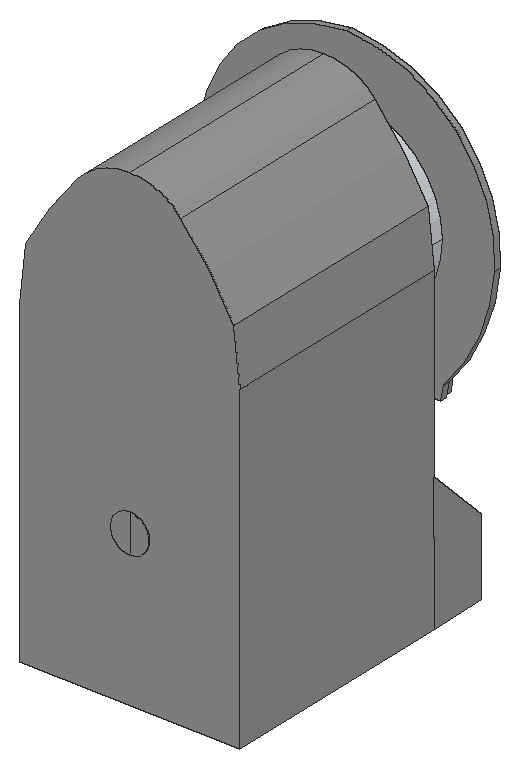
Revit family "Bariatric_Toilet-Willoughby-BETF-1490-FM-FA-10-BS", category Plumbing Fixtures, Revit 2015
Parameters (values of type "Standard")
  Waste DIA = 2 1/2"
  Waste Connection = yes
  Vent Connection = no
  URL = "https://www.willoughby-ind.com/wp-content/uploads/2017/05/BETF-1490-FM-FA-10.pdf"
  Type Comments = ""
  Revision = "A"
  Model = "BETF-1490-FM-FA-10-BS"
  Manufacturer = "Willoughby Industries"
  HW Connection = no
  Flush Inlet DIA = 1 1/2"
  Flush Inlet Connection = yes
  Fixture Body = Stainless Steel AISI 304-Willoughby
  Description = "Bariatric Toilet"
  Default Elevation = 0' - 0"
  Contact = "(800) 428-4065"
  CW Connection = no
Reference planes (in)
  plane 1 "Center (Front/Back)Floor": y = 0
  plane 2: z = 0
  plane 3 "Center (Left/Right)": x = 0
  plane 4 "Toilet Base HGT": y = 15.75
  plane 5 "Top Of Unit": y = 19.625
  plane 6: x = 7.125
  plane 7: x = -7.125
  plane 8: z = 20.875
  plane 9: z = 31
  plane 10: z = 31.5
  plane 11: z = 24.75
  plane 12: z = 29.375
  plane 13: x = 2
  plane 14: x = -2
  plane 15: z = 9
  plane 16: z = 5
  plane 17: z = 21.5
  plane 18: z = 27.6875
  plane 19: z = 13.125
  plane 20: x = 9.625
  plane 21: x = -9.625
  plane 22 "Waste HGT": y = 12.25
  plane 23: y = 16.5
  plane 24 "Floor waste": z = 10
Forms (in)
  Extrusion 1, solid, material "Stainless Steel AISI 304-Willoughby" <- "Fixture Body"
    sketch origin (0, 0, 0) x (1, 0, 0) y (0, 0, 1)
      loop
        line (7.125, 0) -> (7.125, 20.875)
        arc (7.125, 20.875) -> (7.03428, 22.67805) -> (6.76304, 24.46289) r 17.96324
        arc (6.76304, 24.46289) -> (5.19007, 27.08) -> (3.33041, 29.50181) r 26.87644
        arc (3.33041, 29.50181) -> (1.83129, 30.62012) -> (0, 31) r 4.32008
        arc (0, 31) -> (-1.83129, 30.62012) -> (-3.33041, 29.50181) r 4.32008
        arc (-3.33041, 29.50181) -> (-5.19007, 27.08) -> (-6.76304, 24.46289) r 26.87644
        arc (-6.76304, 24.46289) -> (-7.03428, 22.67805) -> (-7.125, 20.875) r 17.96324
        line (-7.125, 20.875) -> (-7.125, 0) -> (7.125, 0)
    from 0 to -15.75
  Extrusion 2, solid, material "Stainless Steel AISI 304-Willoughby" <- "Fixture Body"
    sketch origin (0, 0, 0) x (0, 1, 0) y (0, 0, 1)
      loop
        line (15.75, 8.875) -> (15.75, 0) -> (19.625, 0) -> (19.625, 5) -> (15.75, 8.875)
    from -7.125 to 7.125
  Extrusion 3, solid
    sketch origin (0, 15.75, 0) x (-1, 0, 0) y (0, 0, 1)
      loop
        circle (0, 21.5) r 6.1875
    from 0 to 1.875
  Extrusion 4, solid, material "Stainless Steel AISI 304-Willoughby" <- "Fixture Body"
    sketch origin (0, 15.75, 0) x (-1, 0, 0) y (0, 0, 1)
      loop
        line (-4.75, 12.125) -> (-4.75, 12.625) -> (4.75, 12.625) -> (4.75, 12.125) -> (6.125, 12.125) -> (6.30133, 13.125)
        arc (6.30133, 13.125) -> (8.61843, 16.71898) -> (9.625, 20.875) r 12.82342
        arc (9.625, 20.875) -> (7.07791, 28.23969) -> (0, 31.5) r 9.93325
        arc (0, 31.5) -> (-7.07791, 28.23969) -> (-9.625, 20.875) r 9.93325
        arc (-9.625, 20.875) -> (-8.61843, 16.71898) -> (-6.30133, 13.125) r 12.82342
        line (-6.30133, 13.125) -> (-6.125, 12.125) -> (-4.75, 12.125)
    from 1.875 to 2.25
  Blend 5, solid, material "Stainless Steel AISI 304-Willoughby" <- "Fixture Body"
    base sketch origin (0, 15.75, 0) x (-1, 0, 0) y (0, 0, 1)
      loop
        line (-4.60785, 12.15929) -> (-4.60785, 12.40929) -> (4.64215, 12.40929) -> (4.64215, 12.15929) -> (5.98395, 12.15929) -> (6.22068, 14.59691)
        arc (6.22068, 14.59691) -> (8.11105, 18.09183) -> (8.6336, 22.03074) r 10.97859
        arc (8.6336, 22.03074) -> (5.98369, 28.04088) -> (0, 30.75) r 9.19603
        arc (0, 30.75) -> (-5.98369, 28.04088) -> (-8.6336, 22.03074) r 9.19603
        arc (-8.6336, 22.03074) -> (-8.11105, 18.09183) -> (-6.22068, 14.59691) r 10.97859
        line (-6.22068, 14.59691) -> (-5.98395, 12.15929) -> (-4.60785, 12.15929)
    top sketch origin (0, 15.75, 0) x (-1, 0, 0) y (0, 0, 1)
      loop
        arc (6.22944, 13.99176) -> (8.35674, 17.14799) -> (9.12911, 20.875) r 9.85348
        arc (9.12911, 20.875) -> (6.86364, 28.01045) -> (0, 31) r 9.05259
        arc (0, 31) -> (-6.86364, 28.01045) -> (-9.12911, 20.875) r 9.05259
        arc (-9.12911, 20.875) -> (-8.34629, 17.12327) -> (-6.19132, 13.954) r 9.85348
        line (-6.19132, 13.954) -> (-6.01467, 12.135) -> (-4.5826, 12.135) -> (-4.5826, 12.385) -> (4.63006, 12.385) -> (4.63006, 12.125) -> (5.99156, 12.125) -> (6.22944, 13.99176)
    from 2.875 to 2.25
  Revolve 6, solid, material "Stainless Steel AISI 304-Willoughby" <- "Fixture Body"
    sketch origin (0, 0, 0) x (0, 1, 0) y (0, 0, 1)
      loop
        line (16.5, 0) -> (16.5, 2.25) -> (15.75, 2.25) -> (15.75, 0) -> (16.5, 0)
      axis (16.5, 2.25) -> (16.5, 0)
    angle from 0 to 360
  Revolve 7, solid, material "Stainless Steel AISI 304-Willoughby" <- "Fixture Body", detail levels medium+fine
    sketch origin (0, 0, 0) x (0, 1, 0) y (0, 0, 1)
      loop
        line (0, 10) -> (2.25, 10) -> (2.25, 11.25) -> (0, 11.25) -> (0, 10)
      axis (0, 10) -> (2.25, 10)
    angle from 0 to 360
Lines and regions (in)
  symbolic lines
    curve 1: line (0, 15.75, 8.875) -> (0, 15.75, 31)
    curve 2: line (0, 15.75, 31) -> (0, 0, 31)
    curve 3: line (0, 0, 31) -> (0, 0, 0)
    curve 4: line (0, 0, 0) -> (0, 15.75, 0)
    curve 11: line (0, 18, 12.125) -> (0, 17.625, 12.125)
    curve 16: line (0, 15.75, 8.875) -> (0, 19.625, 5)
    curve 17: line (0, 19.625, 5) -> (0, 19.625, 0)
    curve 18: line (0, 19.625, 0) -> (0, 15.75, 0)
    curve 19: line (7.125, 19.625, -0.25) -> (7.125, 19.625, 14.12365)
    curve 20: arc (7.125, 19.625, 14.12365) -> (8.85852, 19.625, 17.32028) -> (9.625, 19.625, 20.875) r 12.82342
    curve 21: arc (9.625, 19.625, 20.875) -> (9.10381, 19.625, 24.81755) -> (7.07791, 19.625, 28.23969) r 9.93325
    curve 22: arc (7.07791, 19.625, 28.23969) -> (3.87202, 19.625, 30.5929) -> (0, 19.625, 31.5) r 9.93325
    curve 23: arc (0, 19.625, 31.5) -> (-3.87202, 19.625, 30.5929) -> (-7.07791, 19.625, 28.23969) r 9.93325
    curve 24: arc (-7.07791, 19.625, 28.23969) -> (-9.10381, 19.625, 24.81755) -> (-9.625, 19.625, 20.875) r 9.93325
    curve 25: arc (-9.625, 19.625, 20.875) -> (-8.85852, 19.625, 17.32028) -> (-7.125, 19.625, 14.12365) r 12.82342
    curve 26: line (-7.125, 19.625, 14.12365) -> (-7.125, 19.625, 0)
    curve 27: line (-7.125, 19.625, 0) -> (7.125, 19.625, 0)
    curve 51: line (7.125, 19.625, 0) -> (-7.125, 19.625, 0)
    curve 52: line (-7.125, 19.625, 0) -> (-7.125, 0, 0)
    curve 53: line (-7.125, 0, 0) -> (7.125, 0, 0)
    curve 54: line (7.125, 0, 0) -> (7.125, 19.625, 0)
    curve 55: line (-6.76304, 15.75, 0) -> (-6.76304, 0, 0)
    curve 56: line (-7.125, 15.75, 0) -> (7.125, 15.75, 0)
    curve 57: line (6.1875, 17.625, 0) -> (6.1875, 15.75, 0)
    curve 58: line (-6.17726, 15.75, 0) -> (-6.17726, 17.625, 0)
    curve 59: line (-6.17726, 17.625, 0) -> (6.1875, 17.625, 0)
    curve 69: line (6.76304, 15.75, 0) -> (6.76304, 0, 0)
  symbolic lines, detail levels medium+fine
    curve 5: line (0, 15.75, 15.375) -> (0, 17.625, 15.375)
    curve 6: line (0, 17.625, 15.375) -> (0, 17.625, 27.6875)
    curve 7: line (0, 17.625, 27.6875) -> (0, 15.75, 27.6875)
    curve 8: line (0, 17.625, 27.6875) -> (0, 17.625, 31.5)
    curve 9: line (0, 17.625, 31.5) -> (0, 18, 31.5)
    curve 10: line (0, 18, 31.5) -> (0, 18, 12.125)
    curve 12: line (0, 17.625, 12.125) -> (0, 17.625, 15.375)
    curve 13: line (0, 18, 12.125) -> (0, 18.625, 12.15929)
    curve 14: line (0, 18.625, 12.15929) -> (0, 18.625, 30.75)
    curve 15: line (0, 18.625, 30.75) -> (0, 18, 31)
    curve 28: line (-7.125, 19.625, 5) -> (7.125, 19.625, 5)
    curve 29: line (-7.125, 19.625, 8.875) -> (7.125, 19.625, 8.875)
    curve 30: line (-7.125, 19.625, 14.12365) -> (-6.30133, 19.625, 13.125)
    curve 31: line (-6.30133, 19.625, 13.125) -> (-6.125, 19.625, 12.125)
    curve 32: line (-6.125, 19.625, 12.125) -> (-4.75, 19.625, 12.125)
    curve 33: line (-4.75, 19.625, 12.125) -> (-4.75, 19.625, 12.625)
    curve 34: line (-4.75, 19.625, 12.625) -> (4.75, 19.625, 12.625)
    curve 35: line (4.75, 19.625, 12.625) -> (4.75, 19.625, 12.125)
    curve 36: line (4.75, 19.625, 12.125) -> (6.125, 19.625, 12.125)
    curve 37: line (6.125, 19.625, 12.125) -> (6.30133, 19.625, 13.125)
    curve 38: arc (6.30133, 19.625, 13.125) -> (6.72577, 19.625, 13.61393) -> (7.125, 19.625, 14.12365) r 12.82342
    curve 50: line (0, 17.625, 12.125) -> (0, 18, 12.125)
    curve 60: line (-6.17726, 17.625, 0) -> (-9.6494, 17.625, 0)
    curve 61: line (-9.6494, 17.625, 0) -> (-9.6494, 18, 0)
    curve 62: line (-9.6494, 18, 0) -> (-9.12911, 18, 0)
    curve 63: line (-9.12911, 18, 0) -> (-8.6336, 18.625, 0)
    curve 64: line (-8.6336, 18.625, 0) -> (8.64736, 18.625, 0)
    curve 65: line (8.64736, 18.625, 0) -> (9.14287, 18, 0)
    curve 66: line (9.14287, 18, 0) -> (9.6494, 18, 0)
    curve 67: line (9.6494, 18, 0) -> (9.6494, 17.625, 0)
    curve 68: line (6.1875, 17.625, 0) -> (9.6494, 17.625, 0)
  symbolic lines, detail levels fine
    curve 39: line (-6.22068, 19.625, 14.59691) -> (-5.98395, 19.625, 12.15929)
    curve 40: line (-5.98395, 19.625, 12.15929) -> (-4.64215, 19.625, 12.15929)
    curve 41: line (-4.64215, 19.625, 12.15929) -> (-4.64215, 19.625, 12.385)
    curve 42: line (-4.64215, 19.625, 12.385) -> (4.60785, 19.625, 12.385)
    curve 43: line (4.60785, 19.625, 12.385) -> (4.60785, 19.625, 12.15929)
    curve 44: line (4.60785, 19.625, 12.15929) -> (5.98395, 19.625, 12.15929)
    curve 45: line (5.98395, 19.625, 12.15929) -> (6.22068, 19.625, 14.59691)
    curve 46: arc (6.22068, 19.625, 14.59691) -> (7.91817, 19.625, 17.54689) -> (8.63061, 19.625, 20.875) r 10.97859
    curve 47: arc (8.63061, 19.625, 20.875) -> (6.37958, 19.625, 27.61664) -> (0, 19.625, 30.75) r 9.21317
    curve 48: arc (0, 19.625, 30.75) -> (-6.36999, 19.625, 27.60827) -> (-8.63061, 19.625, 20.875) r 9.24339
    curve 49: arc (-8.63061, 19.625, 20.875) -> (-7.89379, 19.625, 17.55625) -> (-6.22068, 19.625, 14.59691) r 11.52349
Dimensions and locks (in)
  plane 9 to level = 2' - 7"
  plane 1 "Center (Front/Back)Floor" to plane 4 "Toilet Base HGT" = 1' - 3 3/4"
  plane 1 "Center (Front/Back)Floor" to plane 5 "Top Of Unit" = 1' - 7 5/8"
  plane 7 to plane 6 = 1' - 2 1/4"
  plane 10 to level = 2' - 7 1/2"
  plane 4 "Toilet Base HGT" to plane 1 "Center (Front/Back)Floor" = 1' - 3 3/4"
  plane 5 "Top Of Unit" to plane 1 "Center (Front/Back)Floor" = 1' - 7 5/8"
  plane 15 to level = 0' - 9"
  aligned and locked: Extrusion 1 to plane 7
  aligned and locked: Extrusion 1 to level
  aligned and locked: Extrusion 2 to plane 4 "Toilet Base HGT"
  aligned and locked: plane 5 "Top Of Unit" to Extrusion 2
  aligned and locked: Extrusion 2 to level
  aligned and locked: plane 6 to Extrusion 2
  aligned and locked: Extrusion 2 to plane 7
  aligned and locked: curve 56 to curve 69
  aligned and locked: curve 69 to Extrusion 1
  aligned and locked: Revolve 6 sketch curve to Revolve 6 sketch curve  (x2)
  aligned and locked: Revolve 7 sketch curve to Revolve 7 sketch curve  (x2)
Connectors (in)
  piping at (0, 16.5, 0), diameter 1.5, driven by "Flush Inlet DIA", driven by "Flush Inlet Connection"
    settings: on Revolve 6, index 2, connector inside diameter 24", connector length 0' - 0", flow factor 0, pipe flow 0 GPM, pressure drop 0.00 psi, fitting loss kfactor 0, connector angle 0.00°, fixture units 0, engagement length 0' - 0", angle of deflection 0.00°, flow configuration 0, flow direction 0, fitting loss method 0, system type 7, joint type 0, gender type 0, connector reference index -1, connector utility 1, adjustable connector no, is connector primary yes, connector description ""
  piping at (0, 0, 10), diameter 2.5, driven by "Waste DIA", driven by "Waste Connection"
    settings: on Revolve 7, index 3, connector inside diameter 24", connector length 0' - 0", flow factor 0, pipe flow 0 GPM, pressure drop 0.00 psi, fitting loss kfactor 0, connector angle 0.00°, fixture units 0, engagement length 0' - 0", angle of deflection 0.00°, flow configuration 0, flow direction 0, fitting loss method 0, system type 7, joint type 0, gender type 0, connector reference index -1, connector utility 1, adjustable connector no, is connector primary no, connector description "Toilet Waste"
